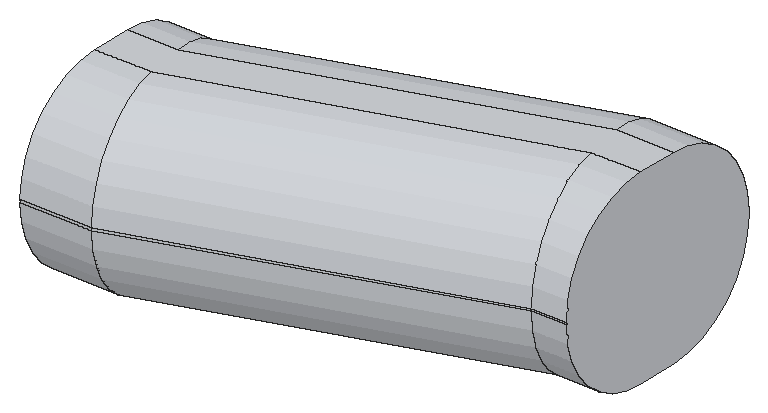
Revit family "3623f0534c6b484e9fb518985dd3dc33", category Duct Fittings, Revit 2021
Family settings
  Round Connector Dimension = Use Diameter
  Part Type = Offset
  OmniClass Number = 23.75.70.14
  OmniClass Title = Air Ductwork
  Seek Item ID = Oval Offset-0000-USA-ENU
  Work Plane-Based = No
  Always vertical = Yes
  Cut with Voids When Loaded = No
  Shared = No
Parameters (values of type "Standard")
  Width 1 [instance] = 2 * Duct Width - 0' 1"  # 23"
  Offset 3 [instance] = if(Offset > ((Duct Length 1 - Duct Width * tan(30.00°) - 0' 1") * tan(60.00°)), ((Duct Length 1 - Duct Width * tan(30.00°) - 0' 1") * tan(60.00°) * (Offset / abs(Offset))), Offset)  # 6"
  Offset 2 [instance] = if(abs(Offset) > (0.75 * Duct Width), (Offset / abs(Offset)) * 0.75 * Duct Width, Offset)  # 6"
  Offset 1 [instance] = if(abs(Offset 2) < abs(Offset 3), Offset 2, Offset 3)  # 6"
  Offset [instance] = 6"
  Length 6 [instance] = Duct Length 2 * 2 + (Offset 1 / tan(Angle 1))  # 27"
  Length 2 [instance] = Length 1 + Offset 1  # 126"
  Length 1 [instance] = 120"
  Duct Width [instance] = 12"
  Duct Length 2 [instance] = ((0.5 * Duct Width) * tan(0.5 * Angle 1)) + 0' 2"  # 2.82724"
  Duct Length 1 [instance] = 2 * Duct Width  # 24"
  Duct Height [instance] = 10"
  Default Elevation = 0' - 0"
  Angle 1 [instance] = 2 * atan((Width 1 - sqrt((Width 1 ^ 2) - 2 * Duct Width * abs(Offset 1) + Offset 1 ^ 2)) / (2 * Duct Width - abs(Offset 1)))  # 15.7001°
Reference planes (in)
  plane 1 "Center (Front/Back)": y = 0
  plane 2: z = 0
  plane 3 "Center (Left/Right)": x = 0
  plane 4: x = 24
  plane 5: x = 2.8272385
  plane 6: x = 21.1727615
  plane 7: y = 6
  plane 8: y = -120
Forms (in)
  Sweep 1, solid, detail levels medium+fine
    path in 3D
      loop
        line (0, 0, 0) -> (2.8272385, 0, 0) -> (21.1727615, 6, 0) -> (24, 6, 0)
    profile "Duct - Oval : Duct - Oval" origin (1.4136192, 0, 0) x (0, 1, 0) y (0, 0, 1)
      loop
        line (-6, 0.0625) -> (-6, -0.0625)
        arc (-6, -0.0625) -> (-4.5538397, -3.5538397) -> (-1.0625, -5) r 4.9375
        line (-1.0625, -5) -> (1.0625, -5)
        arc (1.0625, -5) -> (4.5538397, -3.5538397) -> (6, -0.0625) r 4.9375
        line (6, -0.0625) -> (6, 0.0625)
        arc (6, 0.0625) -> (4.5538397, 3.5538397) -> (1.0625, 5) r 4.9375
        line (1.0625, 5) -> (-1.0625, 5)
        arc (-1.0625, 5) -> (-4.5538397, 3.5538397) -> (-6, 0.0625) r 4.9375
Lines and regions (in)
  model lines, detail levels coarse
    curve 1: line (2.8272385, 0, 0) -> (21.1727615, 6, 0)
    curve 2: line (0, 0, 0) -> (2.8272385, 0, 0)
    curve 3: line (21.1727615, 6, 0) -> (24, 6, 0)
  sketch lines
    curve 4: line (0, 0, 0) -> (2.8272385, 0, 0)
    curve 5: line (2.8272385, 0, 0) -> (21.1727615, 6, 0)
    curve 6: line (21.1727615, 6, 0) -> (24, 6, 0)
Dimensions and locks (in)
  "Duct Length 1": plane 3 "Center (Left/Right)" to plane 4
  "Duct Length 2": plane 3 "Center (Left/Right)" to plane 5
  "Duct Length 2": plane 6 to plane 4
  "Length 1": plane 1 "Center (Front/Back)" to plane 8
  "Length 2": plane 7 to plane 8
  aligned and locked: plane 1 "Center (Front/Back)" to curve 1
  aligned and locked: plane 1 "Center (Front/Back)" to curve 2
  aligned and locked: plane 3 "Center (Left/Right)" to curve 2
  aligned and locked: plane 5 to curve 2
  aligned and locked: plane 4 to curve 3
  aligned and locked: plane 6 to curve 3
Automatic sketch dimensions
  curve 1 to plane 7 = 0' - 0"
Connectors (in)
  hvac at (0, 0, 0), driven by "Duct Height", driven by "Duct Width"
    settings: on Sweep 1, index 1, duct flow 0 CFM, flow factor 0, pres drop 0.00 in-wg, loss coef 0, conn angle 0.00°, conn width 12", conn height 10", conn diameter 24", duct sys type 28, conn prof type 2, flow config 0, flow direction 0, loss method 0, conn ref index 2, conn util no, is conn primary yes, conn desc ""
  hvac at (24, 6, 0), driven by "Duct Height", driven by "Duct Width"
    settings: on Sweep 1, index 2, duct flow 0 CFM, flow factor 0, pres drop 0.00 in-wg, loss coef 0, conn angle 0.00°, conn width 12", conn height 10", conn diameter 24", duct sys type 28, conn prof type 2, flow config 0, flow direction 0, loss method 0, conn ref index 1, conn util no, is conn primary no, conn desc ""
